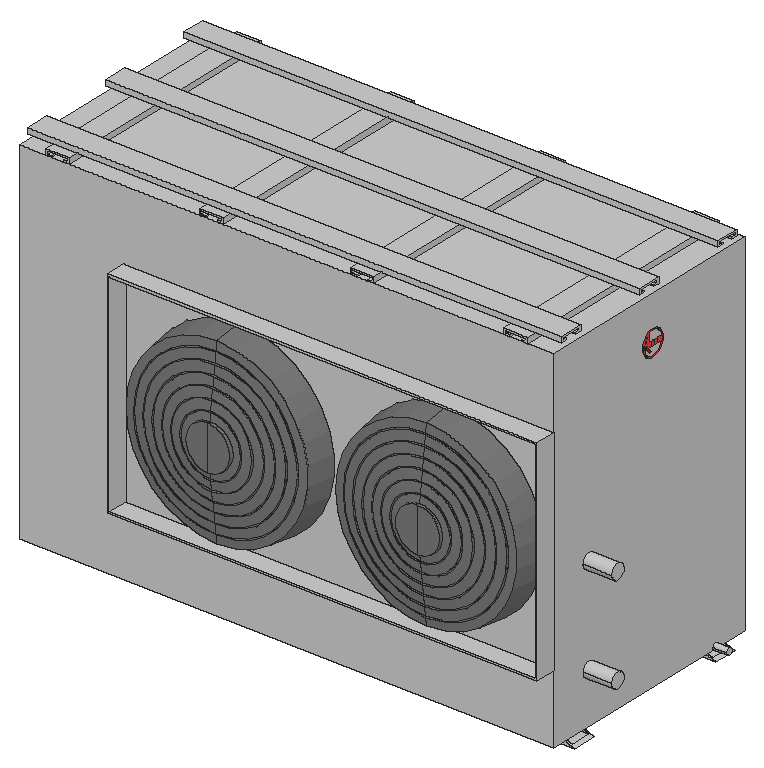
Revit family "Heat Pump-Rheem-A2W-35kW-Horizontal A", category Mechanical Equipment, Revit 2016
Family settings
  Part Type = Normal
  Round Connector Dimension = Use Radius
  OmniClass Number = 23.75.10.21
  OmniClass Title = Heat Pumps
  Work Plane-Based = No
  Always vertical = Yes
  Cut with Voids When Loaded = No
  Shared = No
  Room Calculation Point = No
Parameters (values of type "952035HS")
  calcTopSupport = if(Show Top Supports, 37 mm, 0 mm)  # 37 mm
  calcFanGuardDepth = 133 mm  # constant formula
  Width_ANZRS = if(Show Fan Frame, 681 mm, 588 mm)  # 681 mm
  Wattage_ANZRS = 35 kW  # constant formula
  Voltage_ANZRS = 230 V
  URL = "https://www.rheem.com.au/products/commercial/commercial-heat-pumps"
  Type Comments = ""
  SupportInsetSide = 66 mm  # constant formula
  Show Top Supports = yes
  Show Fan Frame = yes
  ProductCode_ANZRS = "952035HS"
  PowerFactor_ANZRS = 1
  PipeInsetSide = 147 mm  # constant formula
  OutletPipeDiameter = 50 mm  # constant formula
  calcOutletPipeRad = if(1 = 1, OutletPipeDiameter / 2, 0 mm)  # 25 mm
  Model = "Rheem Commercial Air to Water Heat Pump – 35kW Ducted & Stacked"
  Material_ANZRS = Rheem-Steel-Grey
  Manufacturer = "Rheem"  # constant formula
  Length_ANZRS = 1805 mm  # constant formula
  InletPipeDiameter = 50 mm  # constant formula
  calcInletPipeRadius = if(1 = 1, InletPipeDiameter / 2, 0 mm)  # 25 mm
  Height_ANZRS = 940 mm  # constant formula
  Description = "Rheem's Commercial Air to Water (A2W) Heat Pump is designed with the commercial user in mind. A truly commercial grade heat pump that delivers hot water at 65°C with a system Coefficient of Performance (COP) up to 4.0. Ducted models are designed to be connected to ducting to convey cold discharge air away from the heat pump air inlet if a sufficient supply of heat energy is not available in the installation area. Stackable models allow horizontal discharge units to be stacked two high for reduced footprint."
  CreatedBy_ANZRS = "Design Content"  # constant formula
  CreatedByURL_ANZRS = "https://www.designcontent.com.au/"
  BodyWidth = 807 mm  # constant formula
  Assembly Code = ""
  ApparentLoad_ANZRS = Wattage_ANZRS  # 35 kW
Types (4, lengths in mm): name | calcTopSupport | Width_ANZRS | Show Top Supports | Show Fan Frame | ProductCode_ANZRS | Model | Description
  953035H0 | 0 | 588 | no | no | "953035H0" | "Rheem Commercial Air to Water Heat Pump – 35kW Horizontal Discharge & Non Ducted" | "Rheem's Commercial Air to Water (A2W) Heat Pump is designed with the commercial user in mind. A truly commercial grade heat pump that delivers hot water at 65°C with a system Coefficient of Performance (COP) up to 4.0. Non ducted models are generally designed for outdoor installations. Non ducted models may be installed indoors, without ducting, if a sufficient supply of heat energy is available."
  953035HS | 37 | 588 | yes | no | "953035HS" | "Rheem Commercial Air to Water Heat Pump – 35kW Non Ducted & Stacked" | "Rheem's Commercial Air to Water (A2W) Heat Pump is designed with the commercial user in mind. A truly commercial grade heat pump that delivers hot water at 65°C with a system Coefficient of Performance (COP) up to 4.0. Non ducted models are generally designed for outdoor installations. Non ducted models may be installed indoors, without ducting, if a sufficient supply of heat energy is available. Stackable models allow horizontal discharge units to be stacked two high for reduced footprint."
  952035H0 | 0 | 681 | no | yes | "952035H0" | "Rheem Commercial Air to Water Heat Pump – 35kW Horizontal Discharge & Ducted" | "Rheem's Commercial Air to Water (A2W) Heat Pump is designed with the commercial user in mind. A truly commercial grade heat pump that delivers hot water at 65°C with a system Coefficient of Performance (COP) up to 4.0. Ducted models are designed to be connected to ducting to convey cold discharge air away from the heat pump air inlet if a sufficient supply of heat energy is not available in the installation area."
  952035HS | 37 | 681 | yes | yes | "952035HS" | "Rheem Commercial Air to Water Heat Pump – 35kW Ducted & Stacked" | "Rheem's Commercial Air to Water (A2W) Heat Pump is designed with the commercial user in mind. A truly commercial grade heat pump that delivers hot water at 65°C with a system Coefficient of Performance (COP) up to 4.0. Ducted models are designed to be connected to ducting to convey cold discharge air away from the heat pump air inlet if a sufficient supply of heat energy is not available in the installation area. Stackable models allow horizontal discharge units to be stacked two high for reduced footprint."
Reference planes
  plane 1 "Center (Front/Back)": y = 0
  plane 2: z = 0
  plane 3 "Center (Left/Right)": x = 0
  plane 4 "Back": y = 403.5
  plane 5 "Front": y = -403.5
  plane 6 "Left": x = -902.5
  plane 7 "Right": x = 902.5
  plane 8: z = 47
  plane 9 "HEIGHT": z = 1242
  plane 10 "Inlet": z = 222.5
  plane 11 "Outlet": z = 551.5
  plane 12: y = 401.5
  plane 13: x = 846.5
  plane 14: x = -787.5
  plane 15: y = -473.5
  plane 16: x = 1002.5
  plane 17 "Pipe Connectors": y = -256.5
  plane 18: x = -550.5
  plane 19: y = -337.5
  plane 20: y = 337.5
  plane 21 "CompAccess1": y = 227.5
  plane 22 "CompAccess2": y = -330.5
  plane 23: x = 549.5
  plane 24: x = -160.5
  plane 25: z = 23.5
  plane 26: x = 952.5
  plane 27: z = 1279
  plane 28: x = 922.5
Forms (mm)
  Extrusion 1, solid, material "Rheem-Steel-Grey" <- "Material_ANZRS", detail levels medium+fine
    sketch origin (0, 0, 0) x (1, 0, 0) y (0, 1, 0)
      loop
        line (-902.5, 401.5) -> (-902.5, -403.5) -> (902.5, -403.5) -> (902.5, 401.5) -> (-902.5, 401.5)
    from 47 to 1242
  Extrusion 2, solid, material "Rheem-Steel-Grey" <- "Material_ANZRS", detail levels medium+fine
    sketch origin (0, 0, 0) x (1, 0, 0) y (0, 0, 1)
      loop
        line (-902.5, 1242) -> (-902.5, 47) -> (-14.281, 47) -> (902.5, 47) -> (902.5, 1242) -> (-902.5, 1242)
      loop
        line (-787.5, 67) -> (19.5, 67) -> (19.5, 611) -> (-787.5, 611) -> (-787.5, 67)
      loop
        line (-787.5, 1222) -> (-787.5, 631) -> (19.5, 631) -> (19.5, 1222) -> (-787.5, 1222)
      loop
        line (846.5, 1222) -> (39.5, 1222) -> (39.5, 631) -> (846.5, 631) -> (846.5, 1222)
      loop
        line (39.5, 67) -> (846.5, 67) -> (846.5, 611) -> (39.5, 611) -> (39.5, 67)
    from -403.5 to -401.5
  Extrusion 3, solid, material "Rheem-Steel-Grey" <- "Material_ANZRS"
    sketch origin (0, 111.908, 381.979) x (0, -1, 0) y (0, 0, 1)
      loop
        circle (368.408, -159.479) r 25
      loop
        circle (368.408, 169.521) r 25
    from -902.5 to -1002.5
  Extrusion 4, solid, material "Rheem-Steel-Grey" <- "Material_ANZRS", visible <- "Show Fan Frame"
    sketch origin (0, -403.5, 0) x (-1, 0, 0) y (0, 0, -1)
      loop
        line (550.5, -1003.5) -> (550.5, -279.5) -> (-902.5, -279.5) -> (-902.5, -1003.5) -> (550.5, -1003.5)
      loop
        line (545.5, -998.5) -> (545.5, -284.5) -> (-897.5, -284.5) -> (-897.5, -998.5) -> (545.5, -998.5)
    from 0 to 70
  Extrusion 5, solid, material "Rheem-Steel-Grey" <- "Material_ANZRS", detail levels medium+fine
    sketch origin (0, 0, 0) x (1, 0, 0) y (0, 0, 1)
      loop
        line (-902.5, 5) -> (-927.5, 5) -> (-927.5, 0) -> (-897.5, 0) -> (-897.5, 18.5) -> (-827.5, 18.5) -> (-827.5, 0) -> (-797.5, 0) -> (-797.5, 5) -> (-822.5, 5) -> (-822.5, 23.5) -> (-902.5, 23.5) -> (-902.5, 5)
    from -337.5 to 337.5
  Extrusion 6, solid, material "Rheem-Steel-Grey-Perforated", detail levels medium+fine
    sketch origin (-575, 357.5, 0) x (1, 0, 0) y (0, 0, -1)
      loop
        line (1421.5, -1222) -> (1421.5, -631) -> (614.5, -631) -> (614.5, -1222) -> (1421.5, -1222)
      loop
        line (1421.5, -67) -> (614.5, -67) -> (614.5, -611) -> (1421.5, -611) -> (1421.5, -67)
      loop
        line (-212.5, -611) -> (594.5, -611) -> (594.5, -67) -> (-212.5, -67) -> (-212.5, -611)
      loop
        line (594.5, -1222) -> (594.5, -631) -> (-212.5, -631) -> (-212.5, -1222) -> (594.5, -1222)
    from 44 to 46
  Extrusion 7, solid, material "Rheem-Steel-Grey" <- "Material_ANZRS"
    sketch origin (902.5, 0, 0) x (0, -1, 0) y (0, 0, -1)
      loop
        circle (-277.5, -57) r 10
    from 0 to 50
  Extrusion 8, solid, detail levels medium+fine
    sketch origin (-902.5, 0, 425) x (0, -1, 0) y (0, 0, 1)
      loop
        circle (367, 725) r 15
      loop
        circle (367.008, 675) r 15
      loop
        circle (367.008, 625) r 15
      loop
        circle (367.008, 575) r 15
    from 0 to 5
  Extrusion 9, solid, material "Rheem-Steel-Grey" <- "Material_ANZRS", detail levels coarse
    sketch origin (0, 0, 1242) x (-1, 0, 0) y (0, -1, 0)
      loop
        line (902.5, -403.5) -> (902.5, 403.5) -> (-902.5, 403.5) -> (-902.5, -403.5) -> (902.5, -403.5)
    from -1242 to 37
  Extrusion 10, solid, material "Rheem-Steel-Grey" <- "Material_ANZRS", detail levels medium+fine
    sketch origin (0, 0, 0) x (0, 1, 0) y (0, 0, 1)
      loop
        line (362.5, 47) -> (332.5, 47) -> (332.5, 28.5) -> (262.481, 28.5) -> (262.481, 47) -> (232.395, 47) -> (232.395, 42) -> (257.395, 42) -> (257.395, 23.5) -> (337.5, 23.5) -> (337.5, 42) -> (362.5, 42) -> (362.5, 47)
      loop
        line (-232.395, 47) -> (-262.395, 47) -> (-262.395, 28.5) -> (-332.414, 28.5) -> (-332.414, 47) -> (-362.5, 47) -> (-362.5, 42) -> (-337.5, 42) -> (-337.5, 23.5) -> (-257.395, 23.5) -> (-257.395, 42) -> (-232.395, 42) -> (-232.395, 47)
    from -902.5 to 922.5
  Extrusion 11, void
    sketch origin (0, 0, 0) x (-1, 0, 0) y (0, 0, -1)
      loop
        line (-922.5, -23.5) -> (-922.5, -47) -> (-859.96, -47) -> (-922.5, -23.5)
    from -362.5 to 362.5
  Extrusion 12, solid, material "Rheem-Steel-Grey" <- "Material_ANZRS", visible <- "Show Top Supports", detail levels medium+fine
    sketch origin (0, 0, 0) x (1, 0, 0) y (0, 0, 1)
      loop
        line (-815.141, 1242) -> (-795.141, 1242) -> (-795.141, 1247) -> (-810.141, 1247) -> (-810.141, 1255.5) -> (-740.141, 1255.5) -> (-740.141, 1247) -> (-755.141, 1247) -> (-755.141, 1242) -> (-735.141, 1242) -> (-735.141, 1260.5) -> (-815.141, 1260.5) -> (-815.141, 1242)
      loop
        line (735.141, 1242) -> (755.141, 1242) -> (755.141, 1247) -> (740.141, 1247) -> (740.141, 1255.5) -> (810.141, 1255.5) -> (810.141, 1247) -> (795.141, 1247) -> (795.141, 1242) -> (815.141, 1242) -> (815.141, 1260.5) -> (735.141, 1260.5) -> (735.141, 1242)
      loop
        line (-215.141, 1242) -> (-215.141, 1260.5) -> (-295.141, 1260.5) -> (-295.141, 1242) -> (-275.141, 1242) -> (-275.141, 1247) -> (-290.141, 1247) -> (-290.141, 1255.5) -> (-220.141, 1255.5) -> (-220.141, 1247) -> (-235.141, 1247) -> (-235.141, 1242) -> (-215.141, 1242)
      loop
        line (215.141, 1242) -> (235.141, 1242) -> (235.141, 1247) -> (220.141, 1247) -> (220.141, 1255.5) -> (290.141, 1255.5) -> (290.141, 1247) -> (275.141, 1247) -> (275.141, 1242) -> (295.141, 1242) -> (295.141, 1260.5) -> (215.141, 1260.5) -> (215.141, 1242)
    from -403.5 to 403.5
  Extrusion 13, solid, material "Rheem-Steel-Grey" <- "Material_ANZRS", visible <- "Show Top Supports", detail levels medium+fine
    sketch origin (23.5, 184.859, 18.5) x (0, -1, 0) y (0, 0, 1)
      loop
        line (475.134, 1242) -> (495.134, 1242) -> (495.134, 1247) -> (480.134, 1247) -> (480.134, 1255.5) -> (550.134, 1255.5) -> (550.134, 1247) -> (535.134, 1247) -> (535.134, 1242) -> (555.134, 1242) -> (555.134, 1260.5) -> (475.134, 1260.5) -> (475.134, 1242)
      loop
        line (-105.417, 1242) -> (-105.417, 1260.5) -> (-185.417, 1260.5) -> (-185.417, 1242) -> (-165.417, 1242) -> (-165.417, 1247) -> (-180.417, 1247) -> (-180.417, 1255.5) -> (-110.417, 1255.5) -> (-110.417, 1247) -> (-125.417, 1247) -> (-125.417, 1242) -> (-105.417, 1242)
      loop
        line (224.859, 1242) -> (224.859, 1260.5) -> (144.859, 1260.5) -> (144.859, 1242) -> (164.859, 1242) -> (164.859, 1247) -> (149.859, 1247) -> (149.859, 1255.5) -> (219.859, 1255.5) -> (219.859, 1247) -> (204.859, 1247) -> (204.859, 1242) -> (224.859, 1242)
    from -879 to 926
Cuts and joins
  Extrusion 11 cuts Extrusion 1
  Extrusion 11 cuts Extrusion 2
  joined: Extrusion 1, Extrusion 2
  Extrusion 11 cuts Extrusion 9
  Extrusion 11 cuts Extrusion 10
Lines and regions (mm)
  Split face 1
    outline origin (-902.5, 401.5, 1242) x (0, 1, 0) y (0, 0, -1)
      loop
        line (-174, 1) -> (-174, 1194) -> (-732, 1194) -> (-732, 1) -> (-174, 1)
  Split face 2
    outline origin (902.5, 401.5, 47) x (0, 1, 0) y (0, 0, 1)
      loop
        line (-601, 1194) -> (-601, 1) -> (-173, 1) -> (-173, 1194) -> (-601, 1194)
  model lines, detail levels medium+fine
    curve 1: line (702.5, 303.5, 1242) -> (-702.5, 303.5, 1242)
    curve 2: line (802.5, -203.5, 1242) -> (802.5, 203.5, 1242)
    curve 3: line (-702.5, -303.5, 1242) -> (702.5, -303.5, 1242)
    curve 4: line (-802.5, 203.5, 1242) -> (-802.5, -203.5, 1242)
    curve 5: arc (-702.5, 303.5, 1242) -> (-773.211, 274.211, 1242) -> (-802.5, 203.5, 1242) r 100
    curve 6: arc (-802.5, -203.5, 1242) -> (-773.211, -274.211, 1242) -> (-702.5, -303.5, 1242) r 100
    curve 7: arc (802.5, -203.5, 1242) -> (773.211, -274.211, 1242) -> (702.5, -303.5, 1242) r 100
    curve 8: arc (802.5, 203.5, 1242) -> (773.211, 274.211, 1242) -> (702.5, 303.5, 1242) r 100
Dimensions and locks
  equal spacing: plane 6 "Left", plane 3 "Center (Left/Right)", plane 7 "Right"
  equal spacing: plane 4 "Back", plane 1 "Center (Front/Back)", plane 5 "Front"
  "BodyWidth": plane 4 "Back" to plane 5 "Front"
  "Length_ANZRS": plane 6 "Left" to plane 7 "Right"
  locked: plane 10 "Inlet" to plane 25 at 199
  locked: plane 11 "Outlet" to plane 10 "Inlet" at 329
  locked: plane 4 "Back" to plane 12 at 2
  locked: plane 8 to Extrusion 2 sketch curve at 20
  locked: Extrusion 2 sketch curve to plane 9 "HEIGHT" at 20
  locked: plane 16 to plane 7 "Right" at 100
  locked: plane 18 to plane 7 "Right" at 1453
  locked: plane 15 to plane 5 "Front" at 70
  locked: Extrusion 4 sketch curve to Extrusion 4 sketch curve at 5  (x2)
  locked: plane 7 "Right" to Extrusion 4 sketch curve at 5
  locked: Extrusion 4 sketch curve to plane 18 at 5
  locked: Extrusion 4 sketch curve to plane 25 at 256
  "PipeInsetSide": plane 5 "Front" to plane 17 "Pipe Connectors"
  Extrusion 5 sketch curve to plane 6 "Left" to Extrusion 5 sketch curve to Extrusion 5 sketch curve to Extrusion 5 sketch curve to Extrusion 5 sketch curve = 25 mm locked, 5 mm locked, 70 mm locked, 5 mm locked, 25 mm locked
  Extrusion 5 sketch curve to Extrusion 5 sketch curve to plane 2 = 0 mm locked, 5 mm locked
  "SupportInsetSide": plane 5 "Front" to plane 19
  "SupportInsetSide": plane 20 to plane 4 "Back"
  locked: plane 9 "HEIGHT" to Split face 1 sketch curve at 1
  locked: Split face 1 sketch curve to plane 8 at 1
  locked: plane 13 to plane 7 "Right" at 56
  locked: plane 6 "Left" to plane 14 at 115
  locked: plane 9 "HEIGHT" to plane 8 at 1195
  locked: plane 24 to plane 23 at 710
  locked: plane 7 "Right" to plane 23 at 353
  equal spacing: plane 8, plane 25, plane 2
  locked: plane 25 to Extrusion 5 sketch curve at 5
  locked: plane 5 "Front" to Split face 2 sketch curve at 204
  Split face 2 sketch curve to plane 4 "Back" = 175 mm
  locked: plane 9 "HEIGHT" to Split face 2 sketch curve at 1
  locked: Split face 2 sketch curve to plane 8 at 1
  locked: Extrusion 7 sketch curve to plane 8 at 10
  equal spacing: plane 16, plane 26, plane 7 "Right"
  equal spacing: plane 22 "CompAccess2", Extrusion 8 sketch curve, plane 5 "Front"
  locked: plane 9 "HEIGHT" to nested 1 at 150
  locked: plane 8 to Extrusion 10 sketch curve at 5  (x2)
  locked: Extrusion 10 sketch curve to plane 25 at 5  (x2)
  Extrusion 10 sketch curve to plane 20 to Extrusion 10 sketch curve to Extrusion 10 sketch curve to Extrusion 10 sketch curve to Extrusion 10 sketch curve = 25 mm locked, 5 mm locked, 70.019 mm locked, 5.086 mm locked, 25 mm locked
  locked: plane 6 "Left" to plane 28 at 1825
  locked: plane 4 "Back" to Extrusion 7 sketch curve at 126
  locked: plane 22 "CompAccess2" to plane 5 "Front" at 73
  locked: plane 21 "CompAccess1" to plane 22 "CompAccess2" at 558
  equal spacing: plane 21 "CompAccess1", nested 1, plane 22 "CompAccess2"
  Extrusion 10 sketch curve to Extrusion 10 sketch curve to Extrusion 10 sketch curve to Extrusion 10 sketch curve to Extrusion 10 sketch curve to Extrusion 10 sketch curve = 25 mm locked, 5 mm locked, 70.019 mm locked, 5.086 mm locked, 25 mm locked
  locked: Extrusion 4 sketch curve to Extrusion 4 sketch curve at 724
  equal spacing: Extrusion 4, nested 2, Extrusion 4
  plane 9 "HEIGHT" to nested 4 = 150 mm
  equal spacing: Split face 2, nested 4, Split face 2
  locked: plane 8 to plane 2 at 47
  "calcTopSupport": plane 27 to plane 9 "HEIGHT"
  locked: Extrusion 12 sketch curve to plane 9 "HEIGHT" at 18.5  (x4)
  Extrusion 12 sketch curve to Extrusion 12 sketch curve to plane 9 "HEIGHT" = 8.5 mm locked, 5 mm locked  (x4)
  Extrusion 13 sketch curve to Extrusion 13 sketch curve to Extrusion 13 sketch curve to Extrusion 13 sketch curve to plane 9 "HEIGHT" = 5 mm locked, 8.5 mm locked, 5 mm locked, 18.5 mm locked  (x2)
  Extrusion 13 sketch curve to Extrusion 13 sketch curve to Extrusion 13 sketch curve to Extrusion 13 sketch curve to plane 9 "HEIGHT" = 5 mm locked, 8.5 mm locked, 5 mm locked, 18.5 mm
  "calcOutletPipeRad": radius of Extrusion 3 sketch curve
  "calcInletPipeRadius": radius of Extrusion 3 sketch curve
  radius of Extrusion 7 sketch curve = 10 mm
  aligned and locked: level to plane 2
  aligned and locked: Extrusion 1 sketch curve to plane 6 "Left"
  aligned and locked: Extrusion 1 sketch curve to plane 7 "Right"
  aligned and locked: plane 9 "HEIGHT" to Extrusion 1
  aligned and locked: Extrusion 1 to plane 8
  aligned and locked: plane 5 "Front" to Extrusion 1
  aligned and locked: Extrusion 1 sketch curve to plane 12
  aligned and locked: cut or joined group of Extrusion 1, Extrusion 2, Extrusion 11 to plane 12
  aligned and locked: plane 4 "Back" to cut or joined group of Extrusion 1, Extrusion 2, Extrusion 11
  aligned and locked: Extrusion 2 sketch curve to plane 13
  aligned and locked: plane 14 to Extrusion 2 sketch curve
  aligned and locked: plane 18 to Extrusion 4 sketch curve
  aligned and locked: Extrusion 4 sketch curve to plane 7 "Right"
  aligned and locked: Extrusion 3 to plane 7 "Right"
  aligned and locked: Extrusion 4 to plane 15
  aligned and locked: Extrusion 4 to plane 5 "Front"
  aligned and locked: Extrusion 5 sketch curve to plane 6 "Left"
  aligned and locked: plane 2 to Extrusion 5 sketch curve  (x2)
  aligned and locked: Extrusion 5 to plane 19
  aligned and locked: plane 20 to Extrusion 5
  aligned and locked: Split face 1 sketch curve to plane 22 "CompAccess2"
  aligned and locked: Split face 1 sketch curve to plane 21 "CompAccess1"
  aligned and locked: plane 11 "Outlet" to Extrusion 3 sketch curve
  aligned and locked: plane 17 "Pipe Connectors" to Extrusion 3 sketch curve  (x2)
  aligned and locked: plane 10 "Inlet" to Extrusion 3 sketch curve
  aligned and locked: Extrusion 6 to plane 13
  aligned and locked: plane 14 to Extrusion 6
  aligned and locked: Extrusion 6 to plane 12
  aligned and locked: plane 4 "Back" to Extrusion 6
  aligned and locked: cut or joined group of Extrusion 1, Extrusion 2, Extrusion 11 to Extrusion 6
  aligned and locked: plane 24 to nested 2
  aligned and locked: nested 3 to plane 23
  aligned and locked: Extrusion 5 sketch curve to plane 25
  aligned and locked: Extrusion 7 to cut or joined group of Extrusion 1, Extrusion 2, Extrusion 11
  aligned and locked: plane 26 to Extrusion 7
  aligned and locked: Extrusion 8 to cut or joined group of Extrusion 1, Extrusion 2, Extrusion 11
  aligned and locked: Extrusion 9 sketch curve to plane 4 "Back"
  aligned and locked: Extrusion 9 sketch curve to plane 5 "Front"
  aligned and locked: Extrusion 9 sketch curve to plane 7 "Right"
  aligned and locked: Extrusion 9 sketch curve to plane 6 "Left"
  aligned and locked: Extrusion 9 to plane 2
  aligned and locked: plane 27 to Extrusion 9
  aligned and locked: Extrusion 10 sketch curve to plane 25  (x2)
  aligned and locked: plane 6 "Left" to Extrusion 10
  aligned and locked: Extrusion 2 sketch curve to Extrusion 6  (x2)
  aligned and locked: plane 16 to Extrusion 3
  aligned and locked: nested 3 to nested 2
  aligned and locked: Extrusion 11 sketch curve to plane 28
  aligned and locked: plane 5 "Front" to Extrusion 12
  aligned and locked: plane 4 "Back" to Extrusion 12
  aligned and locked: Extrusion 12 sketch curve to Extrusion 12 sketch curve  (x8)
  aligned and locked: Extrusion 13 sketch curve to Extrusion 13 sketch curve  (x6)
  aligned and locked: plane 6 "Left" to Extrusion 13
  aligned and locked: plane 7 "Right" to Extrusion 13
Automatic sketch dimensions
  plane 5 "Front" to Extrusion 1 sketch curve = 0 mm
  plane 6 "Left" to Extrusion 2 sketch curve = 0 mm
  plane 14 to Extrusion 2 sketch curve = 0 mm
  Extrusion 2 sketch curve to plane 8 = 0 mm
  plane 13 to Extrusion 2 sketch curve = 0 mm
  Extrusion 2 sketch curve to plane 7 "Right" = 0 mm
  Extrusion 2 sketch curve to plane 9 "HEIGHT" = 0 mm
  Extrusion 2 sketch curve to plane 3 "Center (Left/Right)" = 14.281 mm
  plane 3 "Center (Left/Right)" to Extrusion 2 sketch curve = 19.5 mm
  Extrusion 2 sketch curve to Extrusion 2 sketch curve = 20 mm  (x2)
  plane 8 to Extrusion 2 sketch curve = 20 mm
  plane 11 "Outlet" to Extrusion 2 sketch curve = 59.5 mm  (x2)
  Extrusion 2 sketch curve to Extrusion 2 sketch curve = 0 mm
  Extrusion 2 sketch curve to plane 9 "HEIGHT" = 20 mm
  curve 4 to Extrusion 2 = 100 mm
  curve 4 to curve 3 = 100 mm
  curve 5 to curve 1 = 100 mm
  curve 3 to Extrusion 2 = 200 mm
  curve 1 to Extrusion 2 = 98 mm
  curve 1 to Extrusion 2 = 200 mm
  curve 7 to curve 2 = 100 mm
  curve 7 to curve 8 = 407 mm
  plane 14 to Extrusion 6 sketch curve = 0 mm  (x2)
  plane 13 to Extrusion 6 sketch curve = 0 mm  (x2)
  plane 3 "Center (Left/Right)" to Extrusion 6 sketch curve = 19.5 mm  (x2)
  Extrusion 6 sketch curve to Extrusion 6 sketch curve = 20 mm  (x3)
  Extrusion 6 sketch curve to plane 9 "HEIGHT" = 20 mm  (x2)
  plane 11 "Outlet" to Extrusion 6 sketch curve = 79.5 mm  (x2)
  Extrusion 6 sketch curve to Extrusion 6 sketch curve = 0 mm  (x2)
  plane 8 to Extrusion 6 sketch curve = 20 mm
  Extrusion 8 sketch curve to plane 19 = 29.508 mm  (x3)
  Extrusion 8 sketch curve to plane 9 "HEIGHT" = 242 mm
  Extrusion 8 sketch curve to Extrusion 8 sketch curve = 50 mm  (x3)
  Extrusion 10 sketch curve to plane 8 = 0 mm  (x4)
  Extrusion 10 sketch curve to plane 19 = 0 mm
  Extrusion 10 sketch curve to plane 20 = 0 mm
  Extrusion 10 sketch curve to plane 8 = 5 mm  (x2)
  Extrusion 11 sketch curve to plane 8 = 0 mm
  Extrusion 11 sketch curve to plane 25 = 0 mm
  Extrusion 11 sketch curve to plane 13 = 13.46 mm
  Extrusion 12 sketch curve to plane 9 "HEIGHT" = 0 mm  (x4)
  plane 14 to Extrusion 12 sketch curve = 27.641 mm
  Extrusion 12 sketch curve to Extrusion 12 sketch curve = 5 mm  (x8)
  plane 14 to Extrusion 12 sketch curve = 7.641 mm
  Extrusion 12 sketch curve to plane 14 = 32.359 mm
  Extrusion 12 sketch curve to Extrusion 12 sketch curve = 15 mm  (x7)
  plane 24 to Extrusion 12 sketch curve = 134.641 mm
  Extrusion 12 sketch curve to Extrusion 12 sketch curve = 40 mm  (x3)
  plane 3 "Center (Left/Right)" to Extrusion 12 sketch curve = 215.141 mm
  plane 13 to Extrusion 12 sketch curve = 111.359 mm
  Extrusion 13 sketch curve to plane 12 = 31.224 mm
  Extrusion 13 sketch curve to Extrusion 13 sketch curve = 5 mm  (x6)
  plane 20 to Extrusion 13 sketch curve = 12.776 mm
  Extrusion 13 sketch curve to plane 20 = 27.224 mm
  Extrusion 13 sketch curve to Extrusion 13 sketch curve = 15 mm  (x5)
  Extrusion 13 sketch curve to plane 1 "Center (Front/Back)" = 40 mm
  plane 1 "Center (Front/Back)" to Extrusion 13 sketch curve = 20 mm
  plane 17 "Pipe Connectors" to Extrusion 13 sketch curve = 33.776 mm
  Extrusion 13 sketch curve to plane 19 = 12.776 mm
  radius of Extrusion 8 sketch curve = 15 mm  (x4)
Nested families
  nested 1: "X_Rheem Logo" at (-902.5, -51.5, 1092) x (0, -1, 0) z (-1, 0, 0), type "Standard", detail levels fine
  nested 2: "X_Rheem_FanGuard" at (-160.5, -403.5, 641.5) x (-1, 0, 0) z (0, -1, 0), type "Standard"
    with FanGuardRad 320 mm, FanGuardHead 10 mm, FanGuardDepth 133 mm
  nested 3: "X_Rheem_FanGuard" at (549.5, -403.5, 641.5) x (-1, 0, 0) z (0, -1, 0), type "Standard"
    with FanGuardRad 320 mm, FanGuardHead 10 mm, FanGuardDepth 133 mm
  nested 4: "X_Rheem Logo" at (902.5, 14.5, 1092) x (0, 1, 0) z (1, 0, 0), type "Standard", detail levels fine
Connectors
  piping at (1002.5, -256.5, 222.5), diameter 50, driven by "calcInletPipeRadius"
    settings: on Extrusion 3, index 9, connector inside diameter 20 mm, connector length 0 mm, flow factor 0, pipe flow 0.0 L/s, pressure drop 0.0 Pa, fitting loss kfactor 0, connector angle 0.00°, fixture units 0, engagement length 0 mm, angle of deflection 0.00°, flow configuration 1, flow direction 1, fitting loss method 0, system type 20, joint type 0, gender type 0, connector reference index -1, connector utility 0, adjustable connector no, is connector primary yes, connector description "Water In"
  piping at (1002.5, -256.5, 222.5), diameter 50, driven by "calcOutletPipeRad"
    settings: on Extrusion 3, index 10, connector inside diameter 20 mm, connector length 0 mm, flow factor 0, pipe flow 0.0 L/s, pressure drop 0.0 Pa, fitting loss kfactor 0, connector angle 0.00°, fixture units 0, engagement length 0 mm, angle of deflection 0.00°, flow configuration 1, flow direction 1, fitting loss method 0, system type 20, joint type 0, gender type 0, connector reference index -1, connector utility 0, adjustable connector no, is connector primary no, connector description "Water In"
  piping at (952.5, 277.5, 57), diameter 20
    settings: on Extrusion 7, index 11, connector inside diameter 609.6 mm, connector length 0 mm, flow factor 0, pipe flow 0.0 L/s, pressure drop 0.0 Pa, fitting loss kfactor 0, connector angle 0.00°, fixture units 0, engagement length 0 mm, angle of deflection 0.00°, flow configuration 1, flow direction 2, fitting loss method 0, system type 16, joint type 0, gender type 0, connector reference index -1, connector utility 0, adjustable connector no, is connector primary no, connector description ""
  electrical at (-902.5, -367, 1150), driven by "Voltage_ANZRS", driven by "ApparentLoad_ANZRS", driven by "PowerFactor_ANZRS"
    settings: on Extrusion 8, index 12, voltage 230 V, apparent load 35 kW, apparent load phase1 0 kW, apparent load phase2 0 kW, apparent load phase3 0 kW, power factor 1, load classification "Power", number of poles 1, system type 30, power factor state 1, is connector primary yes, connector utility no, sub classification motor no, connector description ""
  electrical at (-902.5, -367.008, 1100), driven by "Voltage_ANZRS", driven by "ApparentLoad_ANZRS", driven by "PowerFactor_ANZRS"
    settings: on Extrusion 8, index 13, voltage 230 V, apparent load 35 kW, apparent load phase1 0 kW, apparent load phase2 0 kW, apparent load phase3 0 kW, power factor 1, load classification "Power", number of poles 1, system type 30, power factor state 1, is connector primary no, connector utility no, sub classification motor no, connector description ""
  electrical at (-902.5, -367.008, 1050), driven by "Voltage_ANZRS", driven by "ApparentLoad_ANZRS", driven by "PowerFactor_ANZRS"
    settings: on Extrusion 8, index 14, voltage 230 V, apparent load 35 kW, apparent load phase1 0 kW, apparent load phase2 0 kW, apparent load phase3 0 kW, power factor 1, load classification "Power", number of poles 1, system type 30, power factor state 1, is connector primary no, connector utility no, sub classification motor no, connector description ""
  electrical at (-902.5, -367.008, 1000), driven by "Voltage_ANZRS", driven by "ApparentLoad_ANZRS", driven by "PowerFactor_ANZRS"
    settings: on Extrusion 8, index 15, voltage 230 V, apparent load 35 kW, apparent load phase1 0 kW, apparent load phase2 0 kW, apparent load phase3 0 kW, power factor 1, load classification "Power", number of poles 1, system type 30, power factor state 1, is connector primary no, connector utility no, sub classification motor no, connector description ""
  piping at (1002.5, -256.5, 551.5), diameter 50, driven by "calcInletPipeRadius"
    settings: on Extrusion 3, index 16, connector inside diameter 609.6 mm, connector length 0 mm, flow factor 0, pipe flow 0.0 L/s, pressure drop 0.0 Pa, fitting loss kfactor 0, connector angle 0.00°, fixture units 0, engagement length 0 mm, angle of deflection 0.00°, flow configuration 1, flow direction 2, fitting loss method 0, system type 19, joint type 0, gender type 0, connector reference index -1, connector utility 0, adjustable connector no, is connector primary no, connector description "Water Out"
Definition of nested family "X_Rheem Logo"
  Parameters (values of type "Standard")
    Default Elevation = 1219.2 mm
    Assembly Code = ""
  Reference planes
    plane 1 "Center (Front/Back)": y = 0
    plane 2: z = 0
    plane 3 "Center (Left/Right)": x = 0
  Forms (mm)
    Extrusion 1, solid
      sketch origin (0, 0, 0) x (1, 0, 0) y (0, 1, 0)
        loop
          line (-1219.2, 1219.2) -> (-1219.2, -1219.2) -> (1219.2, -1219.2) -> (1219.2, 1219.2) -> (-1219.2, 1219.2)
      from 0 to -304.8
    Extrusion 2, solid
      sketch origin (0, 0, 0) x (1, 0, 0) y (0, 1, 0)
        loop
          arc (-33.529, -21.813) -> (38.36, -11.338) -> (-16.283, 36.536) r 40
          line (-16.283, 36.536) -> (-16.283, 5.397)
          arc (-16.283, 5.397) -> (-14.75, 6.901) -> (-12.662, 7.405) r 4.033
          arc (-12.662, 7.405) -> (-9.852, 6.403) -> (-8.561, 3.712) r 3.918
          line (-8.561, 3.712) -> (-8.561, -8.033) -> (-11.525, -8.033) -> (-11.525, 1.806)
          arc (-11.525, 1.806) -> (-12.858, 4.057) -> (-15.428, 3.572) r 2.279
          arc (-15.428, 3.572) -> (-15.988, 2.759) -> (-16.246, 1.806) r 2.925
          line (-16.246, 1.806) -> (-16.246, -8.079) -> (-19.645, -8.079) -> (-19.645, 34.843)
          arc (-19.645, 34.843) -> (-26.644, 29.834) -> (-32.41, 23.444) r 40
          arc (-32.41, 23.444) -> (-21.103, 13.87) -> (-28.782, 1.2) r 11.411
          line (-28.782, 1.2) -> (-7.321, -24.919) -> (-11.462, -24.919) -> (-31.83, -0.131) -> (-31.83, -21.813) -> (-33.529, -21.813)
        loop
          line (-35.017, -19.335) -> (-35.017, 19.335)
          arc (-35.017, 19.335) -> (-40, 0) -> (-35.017, -19.335) r 40
        loop
          line (19.37, -8.097) -> (22.563, -8.097) -> (22.563, 2.258)
          spline (22.563, 2.258) -> (22.878, 3.103) -> (23.24, 3.526) -> (23.639, 3.818) -> (24.082, 3.997) -> (24.556, 4.074) -> (25.034, 4.068) -> (25.491, 3.983) -> (25.903, 3.817) -> (26.238, 3.56) -> (26.492, 3.191) -> (26.717, 2.639) -> (26.9, 1.6)
          line (26.9, 1.6) -> (26.9, -8.097) -> (29.854, -8.097) -> (29.854, 2.258)
          spline (29.854, 2.258) -> (30.181, 3.064) -> (30.553, 3.474) -> (30.969, 3.74) -> (31.419, 3.936) -> (31.889, 4.059) -> (32.364, 4.078) -> (32.821, 3.995) -> (33.233, 3.826) -> (33.568, 3.567) -> (33.822, 3.195) -> (34.048, 2.639) -> (34.231, 1.594)
          line (34.231, 1.594) -> (34.231, -8.097) -> (37.174, -8.097) -> (37.174, 3.718)
          spline (37.174, 3.718) -> (36.65, 5.383) -> (35.957, 6.159) -> (35.415, 6.563) -> (34.941, 6.826) -> (34.394, 7.032) -> (33.695, 7.17) -> (32.91, 7.2) -> (32.152, 7.119) -> (31.53, 6.952) -> (31.006, 6.67) -> (30.429, 6.179) -> (29.566, 5.166)
          spline (29.566, 5.166) -> (28.777, 6.078) -> (28.276, 6.494) -> (27.782, 6.788) -> (27.231, 7.014) -> (26.621, 7.177) -> (26.085, 7.261) -> (25.622, 7.26) -> (25.015, 7.185) -> (24.376, 7.012) -> (23.849, 6.722) -> (23.308, 6.304) -> (22.552, 5.275)
          line (22.552, 5.275) -> (22.552, 6.926) -> (19.37, 6.926) -> (19.37, -8.097)
        loop
          line (-4.051, 1.414) -> (2.029, 1.414)
          spline (2.029, 1.414) -> (1.473, 2.786) -> (1.087, 3.377) -> (0.673, 3.834) -> (0.205, 4.224) -> (-0.271, 4.485) -> (-0.868, 4.588) -> (-1.527, 4.548) -> (-2.06, 4.356) -> (-2.438, 4.033) -> (-2.865, 3.608) -> (-3.384, 2.906) -> (-4.051, 1.414)
        loop
          line (-4.095, -1.507) -> (5.029, -1.507)
          spline (5.029, -1.507) -> (4.769, 1.886) -> (4.1, 3.692) -> (3.083, 5.302) -> (1.664, 6.502) -> (-0.127, 7.316) -> (-1.72, 7.317) -> (-3.497, 6.614) -> (-4.898, 5.44) -> (-6.016, 3.817) -> (-6.693, 1.944) -> (-6.954, 0.058) -> (-6.657, -3.194)
          spline (-6.657, -3.194) -> (-5.711, -5.424) -> (-4.777, -6.63) -> (-3.808, -7.465) -> (-2.878, -7.994) -> (-1.873, -8.306) -> (-0.773, -8.411) -> (0.288, -8.278) -> (1.264, -7.907) -> (2.23, -7.346) -> (3.148, -6.594) -> (4.02, -5.578) -> (4.876, -3.596)
          line (4.876, -3.596) -> (1.705, -3.596)
          spline (1.705, -3.596) -> (0.883, -4.78) -> (0.307, -5.189) -> (-0.248, -5.429) -> (-0.802, -5.54) -> (-1.305, -5.525) -> (-1.909, -5.294) -> (-2.514, -4.923) -> (-2.921, -4.547) -> (-3.253, -4.098) -> (-3.591, -3.486) -> (-3.885, -2.641) -> (-4.095, -1.507)
        loop
          line (8.984, 1.152) -> (15.064, 1.152)
          spline (15.064, 1.152) -> (14.509, 2.524) -> (14.123, 3.116) -> (13.708, 3.573) -> (13.241, 3.962) -> (12.764, 4.224) -> (12.168, 4.327) -> (11.508, 4.287) -> (10.975, 4.095) -> (10.598, 3.771) -> (10.171, 3.347) -> (9.652, 2.645) -> (8.984, 1.152)
        loop
          line (8.973, -1.54) -> (18.097, -1.54)
          spline (18.097, -1.54) -> (17.837, 1.853) -> (17.168, 3.659) -> (16.151, 5.269) -> (14.732, 6.469) -> (12.941, 7.283) -> (11.348, 7.285) -> (9.571, 6.581) -> (8.17, 5.407) -> (7.052, 3.785) -> (6.375, 1.911) -> (6.114, 0.026) -> (6.412, -3.226)
          spline (6.412, -3.226) -> (7.357, -5.456) -> (8.291, -6.663) -> (9.26, -7.498) -> (10.191, -8.027) -> (11.195, -8.339) -> (12.295, -8.444) -> (13.356, -8.311) -> (14.332, -7.939) -> (15.298, -7.379) -> (16.217, -6.626) -> (17.088, -5.61) -> (17.944, -3.629)
          line (17.944, -3.629) -> (14.773, -3.629)
          spline (14.773, -3.629) -> (13.951, -4.813) -> (13.375, -5.222) -> (12.82, -5.462) -> (12.266, -5.573) -> (11.763, -5.557) -> (11.159, -5.326) -> (10.555, -4.955) -> (10.147, -4.58) -> (9.816, -4.131) -> (9.477, -3.519) -> (9.183, -2.673) -> (8.973, -1.54)
        loop
          circle (0, 0) r 43
        loop
          arc (-31.817, 3.841) -> (-24.154, 12.033) -> (-31.817, 20.226) r 8.211
          line (-31.817, 20.226) -> (-31.817, 3.841)
      from 0 to 1
  Dimensions and locks
    aligned and locked: plane 2 to Extrusion 1
    aligned and locked: level to Extrusion 1
Definition of nested family "X_Rheem_FanGuard"
  Parameters (values of type "Standard")
    Material = none
    FanGuardRad = 240 mm
    FanGuardHead = 8 mm
    FanGuardDepth = 116 mm
    Default Elevation = 1219.2 mm
  Reference planes
    plane 1 "Center (Front/Back)": y = 0
    plane 2: z = 0
    plane 3 "Center (Left/Right)": x = 0
    plane 4: z = 116
    plane 5: z = 108
    plane 6: y = 240
    plane 7: z = 58
    plane 8: z = 83
  Forms (mm)
    Extrusion 1, solid
      sketch origin (0, 0, 0) x (1, 0, 0) y (0, 1, 0)
        loop
          line (-1219.2, 1219.2) -> (-1219.2, -1219.2) -> (1219.2, -1219.2) -> (1219.2, 1219.2) -> (-1219.2, 1219.2)
      from 0 to -304.8
    Revolve 2, solid, material <- "Material", detail levels fine
      sketch origin (0, 0, 0) x (0, 1, 0) y (0, 0, 1)
        loop
          line (0, 116) -> (0, 0) -> (240, 0) -> (227.216, 83) -> (75, 108) -> (75, 116) -> (0, 116)
        axis (0, 116) -> (0, 0)
      angle from 0 to 360
    Extrusion 3, void
      sketch origin (0, 0, 0) x (1, 0, 0) y (0, 1, 0)
        loop
          circle (0, 0) r 100
        loop
          circle (0, 0) r 105
        loop
          circle (0, 0) r 135
        loop
          circle (0, 0) r 140
        loop
          circle (0, 0) r 170
        loop
          circle (0, 0) r 175
        loop
          circle (0, 0) r 205
        loop
          circle (0, 0) r 210
        loop
          circle (0, 0) r 240
        loop
          circle (0, 0) r 245
        loop
          circle (0, 0) r 275
        loop
          circle (0, 0) r 280
      from 0 to 116
    Extrusion 4, solid, material <- "Material", detail levels coarse+medium
      sketch origin (0, 0, 0) x (1, 0, 0) y (0, 1, 0)
        loop
          circle (0, 0) r 240
      from 0 to 116
  Cuts and joins
    Extrusion 3 cuts Revolve 2
  Dimensions and locks
    "FanGuardRad": plane 6 to plane 1 "Center (Front/Back)"
    "FanGuardDepth": plane 4 to plane 2
    "FanGuardHead": plane 4 to plane 5
    equal spacing: plane 4, plane 7, plane 2
    equal spacing: plane 5, plane 8, plane 7
    locked: plane 6 to Revolve 2 sketch curve at 12.784
    "FanGuardRad": radius of Extrusion 4 sketch curve
    aligned and locked: plane 2 to Extrusion 1
    aligned and locked: level to Extrusion 1
    aligned and locked: Revolve 2 sketch curve to plane 1 "Center (Front/Back)"
    aligned and locked: plane 4 to Extrusion 3
    aligned and locked: Extrusion 3 to level
    aligned and locked: plane 3 "Center (Left/Right)" to Extrusion 4 sketch curve
    aligned and locked: plane 1 "Center (Front/Back)" to Extrusion 4 sketch curve
    aligned and locked: Extrusion 4 to plane 4
    aligned and locked: Extrusion 4 to level
    aligned and locked: plane 8 to Revolve 2 sketch curve
  Automatic sketch dimensions
    Extrusion 1 sketch curve to Extrusion 1 sketch curve = 2438.4 mm  (x2)
    plane 1 "Center (Front/Back)" to Extrusion 3 sketch curve = 0 mm
    Extrusion 3 sketch curve to plane 3 "Center (Left/Right)" = 0 mm
    Revolve 2 sketch curve to plane 1 "Center (Front/Back)" = 0 mm
    Revolve 2 sketch curve to plane 4 = 0 mm
    Revolve 2 sketch curve to plane 5 = 0 mm
    Revolve 2 sketch curve to level = 0 mm
    Revolve 2 sketch curve to plane 6 = 0 mm
    Revolve 2 sketch curve to Revolve 2 sketch curve = 75 mm
    Revolve 2 sketch curve to Revolve 2 sketch curve = 500 mm
    Revolve 2 sketch curve to Revolve 2 sketch curve = 100 mm
    radius of Extrusion 3 sketch curve = 100 mm
